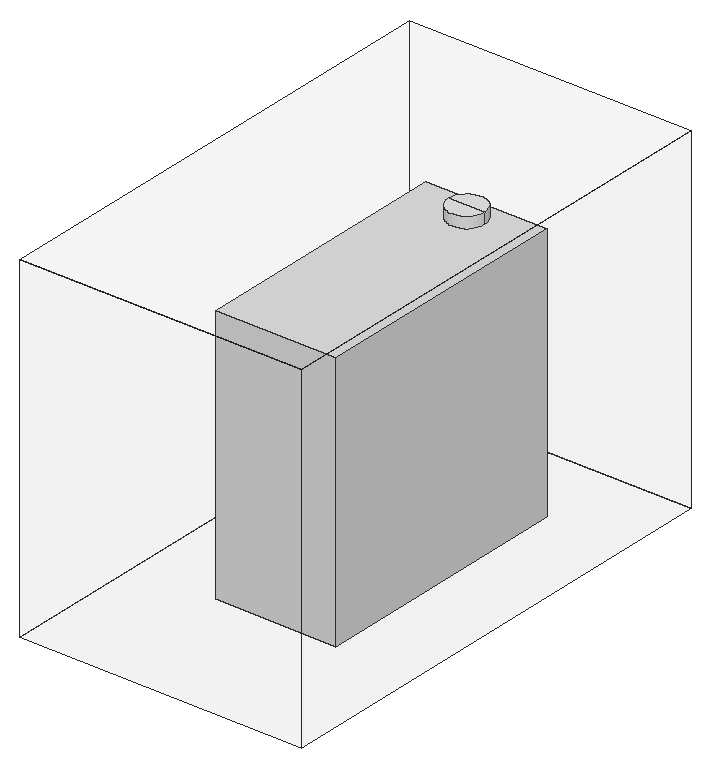
Revit family "1354887957SUPAflo_SF63_LOD200", category Mechanical Equipment, Revit 2014
Parameters (values of type "SF63")
  Weekly = ""
  Water Treatment Required = yes
  Water Content = 35.00 L
  Warranty ID = ""
  WRAS Approval = "1011037"  # constant formula
  Voltage = 230 V  # constant formula
  URL = "http://www.andrewswaterheaters.co.uk/index.htm"
  Type = "Direct Gas Fired Instaneous Water Heater"  # constant formula
  Text Material = Paint - Black
  Supply Phase = "Single Phase"  # constant formula
  Starting Current = 1.75 A  # constant formula
  Standing Loss W = "0.17"  # constant formula
  Sound Pressure Level dBA = "59"  # constant formula
  Siphon Bush Pipe Diameter = 19.000 mm
  Shipping Weight = 416.00 kg
  Shape = "Rectangular (Horizontal)"  # constant formula
  Secondary Return Connection Type = "Other"  # constant formula
  Secondary Return Connection Size = 0.000 mm  # constant formula
  Safety Valve Connection Type = "Other"  # constant formula
  Safety Valve Connection Size = 0.000 mm  # constant formula
  Responsible Sourcing of Materials = ""
  Responsible Extraction Of Material = ""
  Reference Standard = "BSE 26"  # constant formula
  Recovery Rate litre/min = "65"
  Rated Output kW = "61"
  Rated Criteria = "80/60"  # constant formula
  Quarterly = ""
  Product Range = "SUPAflo Range"  # constant formula
  Product Model Number = "1109044"
  Product Literature = "http://www.andrewswaterheaters.co.uk/downloads/Product_range_guide.pdf"
  Overall Width [instance] = 670.000 mm
  Overall Length [instance] = 1470.000 mm
  Overall Height [instance] = 1440.000 mm  # constant formula
  Oil Consumption Rate l/h = ""
  O&M Manual = "http://www.andrewswaterheaters.co.uk/literature-library/current-products.htm"
  Nominal Oil Inlet Pressure mbar = "0"  # constant formula
  Nominal Gas Inlet Pressure = "21 mbar"  # constant formula
  NOx Emissions mg = 35 kWh  # constant formula
  Mounting = "Floor Standing"  # constant formula
  Monthly = ""
  Model = "SF63"
  Minimum Power Consumption = 380 W  # constant formula
  Minimum Oil Inlet Pressure mbar = "0"  # constant formula
  Minimum Gas Inlet Pressure mbar = "18"  # constant formula
  Min Operating Pressure = 1.00 bar  # constant formula
  Maximum Water Temperature = 75 °C  # constant formula
  Maximum Power Consumption = 35 W  # constant formula
  Maximum Oil Inlet Pressure mbar = "0"  # constant formula
  Maximum Gas Inlet Pressure mbar = "50"  # constant formula
  Max Operating Pressure When Unvented = 3.50 bar  # constant formula
  Max Operating Pressure When Open Vented = 6.00 bar  # constant formula
  Material Ingredient Reporting = ""
  Manufacturer = "Andrews Water Heaters"  # constant formula
  Maintenance Required 8001-12000hrs = ""
  Maintenance Required 601-1000hrs = ""
  Maintenance Required 40001-8000hrs = ""
  Maintenance Required 301-600hrs = ""
  Maintenance Required 2001-4000hrs = ""
  Maintenance Required 1001-2000hrs = ""
  Maintenance Required 0-300hrs = ""
  Location of Manufacturer-GridRef = ""
  Life Cycle Analysis = ""
  Interlocks = yes
  Insulation Type = "Integral Thermal Insulation"  # constant formula
  Insulation Thickness = 0.000 mm  # constant formula
  Instrument Box Panel = Metal - Polished Silver
  IP Rating = "20"  # constant formula
  IK Rating = "1.75"  # constant formula
  Heating Circuit Flow Diameter = 32.000 mm
  Heater Operation = "Fully Condensing"  # constant formula
  Heat Up Time mins = "1"  # constant formula
  Heat Generator Thermal Efficiency = 1.06  # 106%
  Heat Generator Load Profile = ""
  Heat Generator Efficiency = "98%"  # constant formula
  Heat Exchanger Material = Stainless Steel
  Gross Weight = 400.00 kg
  Gross Input = "242 kW"  # constant formula
  Green Guide for Specification = ""
  Gas Consumption rate = 22.2 m³/h  # constant formula
  Gas Connection Pipe Diameter = 19.000 mm
  Fuse Rating = 200 A  # constant formula
  Full Load Current = 10 A  # constant formula
  Fuel Type = "Gas - NG"  # constant formula
  Fuel Connection Size = 25.400 mm  # constant formula
  Frequency = 50 Hz  # constant formula
  Flue or Air Intake Classification = "B23, C33, C43, C53, C63 & C83"  # constant formula
  Flue Connection Type = "Socket"  # constant formula
  Flue Connection Standard = "200mm"  # constant formula
  Flow and Return Connection Type = "Threaded"  # constant formula
  Flow and Return Connection Size = 50.800 mm  # constant formula
  Finish = "Powder Coated Steel"  # constant formula
  Features = "Premix Forced Draught Condensing Water Heater"  # constant formula
  External Material = Steel
  Expected Life = ""
  ErP Energy Label ERP = ""
  Environmental Product Declaration = ""
  Energy Technology List ETL = ""
  Embodied Carbon kgCO2e = ""
  Drain Connection Type = "Other"  # constant formula
  Drain Connection Size = 0.000 mm  # constant formula
  Description = "Condensing Boiler"  # constant formula
  Default Elevation = 0.000 mm  # constant formula
  Daily = ""
  Control Type = "Internal"  # constant formula
  Control ThermostatRange = 40 °C
  Control Thermostat Range Note = "40°C - 75°C"  # constant formula
  Control Options = "Modulating"  # constant formula
  Continuous Output at 50 Degree Differential l/h = "4050"
  Continuous Output at 44 Degree Differential l/h = "4616"
  Configuration = "Single Boiler"  # constant formula
  Condensate Drain Type = "Plain"  # constant formula
  Condensate Drain Size = 22.000 mm  # constant formula
  Colour = "Blue (RAL 5011) & White (RAL 9016)"  # constant formula
  Clearence Box = Glass - Clear - Amber
  Clearance Box Visibility [instance] = yes
  Clean Out and Inspection Opening Type = "Other"  # constant formula
  Clean Out Cover and Inspection Opening Size = ""
  CE Approval = "Yes - 0063BS3840"  # constant formula
  Burner Control Type = "Modulating"  # constant formula
  Bespoke Timeframe = ""
  BMS Links = yes
  Assembly Code = "D3020100"
  Annually = "As per attached URL O & M Manual"  # constant formula
  Air Supply = yes
  Air Intake Connector = "Air Intake Connection"  # constant formula
  Air Inlet Connection Size = 150.000 mm  # constant formula
  Access Clearance Top = 450.000 mm  # constant formula
  Access Clearance Right = 450.000 mm  # constant formula
  Access Clearance Rear = 450.000 mm  # constant formula
  Access Clearance Left = 450.000 mm  # constant formula
  Access Clearance Front = 800.000 mm  # constant formula
  Access Clearance Bottom = 0.000 mm  # constant formula
  6 Monthly = ""
Reference planes
  plane 1 "Center (Front/Back)": y = 0
  plane 2: z = 0
  plane 3 "Center (Left/Right)": x = 0
  plane 4: z = 0
  plane 5: x = -335
  plane 6: x = 335
  plane 7: y = 735
  plane 8: y = -735
  plane 9: z = 1440
  plane 10: z = 720
  plane 11: z = 1890
  plane 12: z = 0
  plane 13: x = -785
  plane 14: x = 785
  plane 15: y = 1185
  plane 16: y = -1535
Forms (mm)
  Sweep 1, solid, material "Glass - Clear - Amber" <- "Clearence Box", visible <- "Clearance Box Visibility"
    path origin (-479.663, 637.513, 1117.176) x (1, 0, 0) y (0, 0, 1)
      loop
        line (479.663, 772.824) -> (479.663, -1117.176)
    profile origin (0, 637.513, 945) x (0, -1, 0) y (1, 0, 0)
      loop
        line (-547.487, -785) -> (2172.513, -785) -> (2172.513, 785) -> (-547.487, 785) -> (-547.487, -785)
Dimensions and locks
  equal spacing: plane 7, plane 1 "Center (Front/Back)", plane 8
  "Overall Length": plane 7 to plane 8
  equal spacing: plane 5, plane 3 "Center (Left/Right)", plane 6
  "Overall Width": plane 5 to plane 6
  "Overall Height": plane 9 to level
  equal spacing: plane 9, plane 10, level
  "Access Clearance Top": plane 11 to plane 9
  "Access Clearance Bottom": level to plane 12
  "Access Clearance Left": plane 5 to plane 13
  "Access Clearance Right": plane 6 to plane 14
  "Access Clearance Front": plane 16 to plane 8
  "Access Clearance Rear": plane 15 to plane 7
  aligned and locked: level to plane 2
  aligned and locked: plane 11 to Sweep 1 sketch curve
  aligned and locked: plane 12 to Sweep 1 sketch curve
  aligned and locked: Sweep 1 sketch curve to plane 3 "Center (Left/Right)"
  aligned and locked: Sweep 1 sketch curve to plane 13
  aligned and locked: Sweep 1 sketch curve to plane 16
  aligned and locked: plane 14 to Sweep 1 sketch curve
  aligned and locked: nested 1 to plane 7
  aligned and locked: plane 3 "Center (Left/Right)" to nested 1
  aligned and locked: Sweep 1 sketch curve to plane 15
Nested families
  nested 1: "1354887968SUPAflo_SF63_LOD200" at (0, 735, 0), type "1354887968SUPAflo_SF63_LOD200"
Connectors
  electrical at (212, 737, 1410), driven by "Voltage", driven by "Maximum Power Consumption"
    settings: on nested 1, index 1, voltage 230 V, apparent load 35 VA, apparent load phase1 0 VA, apparent load phase2 0 VA, apparent load phase3 0 VA, power factor 1, load classification "Power", number of poles 1, system type 30, power factor state 1, is connector primary yes, connector utility yes, sub classification motor yes, connector description "Electrical Connection"
  piping at (129.914, 848, 903), diameter 50.8
    settings: on nested 1, index 4, connector inside diameter 609.600 mm, connector length 0.000 mm, flow factor 0, pipe flow 0 GPM, pressure drop 0.00 bar, fitting loss kfactor 0, connector angle 0.00°, fixture units 0, engagement length 0.000 mm, angle of deflection 0.00°, flow configuration 0, flow direction 1, fitting loss method 0, system type 19, joint type 0, gender type 0, connector reference index -1, connector utility 1, adjustable connector no, is connector primary yes, connector description "Water Supply"
  piping at (259.603, 786.5, 1175), diameter 19.05
    settings: on nested 1, index 5, connector inside diameter 609.600 mm, connector length 0.000 mm, flow factor 0, pipe flow 0 GPM, pressure drop 0.00 bar, fitting loss kfactor 0, connector angle 0.00°, fixture units 0, engagement length 0.000 mm, angle of deflection 0.00°, flow configuration 0, flow direction 1, fitting loss method 0, system type 7, joint type 0, gender type 0, connector reference index -1, connector utility 1, adjustable connector no, is connector primary no, connector description "Gas Supply"
  piping at (129.914, 847, 490.041), diameter 50.8
    settings: on nested 1, index 6, connector inside diameter 609.600 mm, connector length 0.000 mm, flow factor 0, pipe flow 0 GPM, pressure drop 0.00 bar, fitting loss kfactor 0, connector angle 0.00°, fixture units 0, engagement length 0.000 mm, angle of deflection 0.00°, flow configuration 0, flow direction 2, fitting loss method 0, system type 8, joint type 0, gender type 0, connector reference index -1, connector utility 1, adjustable connector no, is connector primary no, connector description "Water Return"
  piping at (-0.024, 597.5, 1499.95), diameter 150
    settings: on nested 1, index 7, connector inside diameter 609.600 mm, connector length 0.000 mm, flow factor 0, pipe flow 0 GPM, pressure drop 0.00 bar, fitting loss kfactor 0, connector angle 0.00°, fixture units 0, engagement length 0.000 mm, angle of deflection 0.00°, flow configuration 0, flow direction 2, fitting loss method 0, system type 8, joint type 0, gender type 0, connector reference index -1, connector utility 1, adjustable connector no, is connector primary no, connector description "Flue Gas Outlet"
  piping at (-225, 805.5, 1130), diameter 125
    settings: on nested 1, index 8, connector inside diameter 609.600 mm, connector length 0.000 mm, flow factor 0, pipe flow 0 GPM, pressure drop 0.00 bar, fitting loss kfactor 0, connector angle 0.00°, fixture units 0, engagement length 0.000 mm, angle of deflection 0.00°, flow configuration 0, flow direction 1, fitting loss method 0, system type 7, joint type 0, gender type 0, connector reference index -1, connector utility 1, adjustable connector no, is connector primary no, connector description "Air Intake"
Definition of nested family "1354887968SUPAflo_SF63_LOD200"
  Parameters (values of type "1354887968SUPAflo_SF63_LOD200")
    Weight (Full) (kg) = 435
    URL = "http://www.andrewswaterheaters.co.uk/products_details.php?product=supaflo"
    Power Consumption (W) = 230
    Model = "SUPAflo SF63"
    Manufacturer = "Andrews Water Heaters"
    Hot Water Recovery (Thru 50ºC) (Litres/Hour) = 4050
    Efficiency (Gross) (%) = 93.6
    Description = "Condensing Water Heater"
  Reference planes
    plane 1 "Center (Front/Back)": y = 0
    plane 2: z = 0
    plane 3 "Center (Left/Right)": x = 0
    plane 4: y = 0
  Forms (mm)
    Revolve 1, solid, material "Andrews SUPAflo - Steel"
      sketch origin (-0.024, -137.5, 2.7) x (1, 0, 0) y (0, 0, 1)
        loop
          line (0, 1497.25) -> (-100, 1497.25) -> (-100, 1437.3) -> (0, 1437.3) -> (0, 1497.25)
        axis (0, 1497.25) -> (0, 1437.3)
      angle from 0 to 360
    Revolve 2, solid, material "Andrews SUPAflo - Steel"
      sketch origin (0.676, 0, 1175) x (1, 0, 0) y (0, 1, 0)
        loop
          line (258.927, 51.5) -> (258.927, 0) -> (271.427, 0) -> (271.427, 51.5) -> (258.927, 51.5)
        axis (258.927, 51.5) -> (258.927, 0)
      angle from 0 to 360
    Revolve 3, solid, material "Andrews SUPAflo - Steel"
      sketch origin (-1.502, 0, 1130) x (1, 0, 0) y (0, 1, 0)
        loop
          line (-223.498, 0) -> (-148.498, 0) -> (-148.498, 70.5) -> (-223.498, 70.5) -> (-223.498, 0)
        axis (-223.498, 70.5) -> (-223.498, 0)
      angle from 0 to 360
    Revolve 4, solid, material "Andrews SUPAflo - Steel"
      sketch origin (0.676, 0, 610.9) x (1, 0, 0) y (0, 1, 0)
        loop
          line (-129.998, 119) -> (-129.998, 83) -> (-129.998, 0) -> (-104.998, 0) -> (-104.998, 119) -> (-129.998, 119)
        axis (-129.998, 119) -> (-129.998, 0)
      angle from 0 to 360
    Revolve 5, solid, material "Andrews SUPAflo - Steel"
      sketch origin (129.914, 0, 2) x (0, 1, 0) y (0, 0, 1)
        loop
          line (0, 926) -> (0, 901) -> (113, 901) -> (113, 926) -> (0, 926)
        axis (113, 901) -> (0, 901)
      angle from 0 to 360
    Revolve 6, solid, material "Andrews SUPAflo - Steel"
      sketch origin (129.914, 0, -410.959) x (0, 1, 0) y (0, 0, 1)
        loop
          line (0, 926) -> (0, 901) -> (113, 901) -> (113, 926) -> (0, 926)
        axis (113, 901) -> (0, 901)
      angle from 0 to 360
    Extrusion 7, solid, material "Andrews SUPAflo - Body"
      sketch origin (0, -365, 0) x (1, 0, 0) y (0, 1, 0)
        loop
          line (335, -1105) -> (335, 365) -> (-335, 365) -> (-335, -1105) -> (335, -1105)
      from 0 to 1440
  Dimensions and locks
    aligned and locked: level to plane 2
